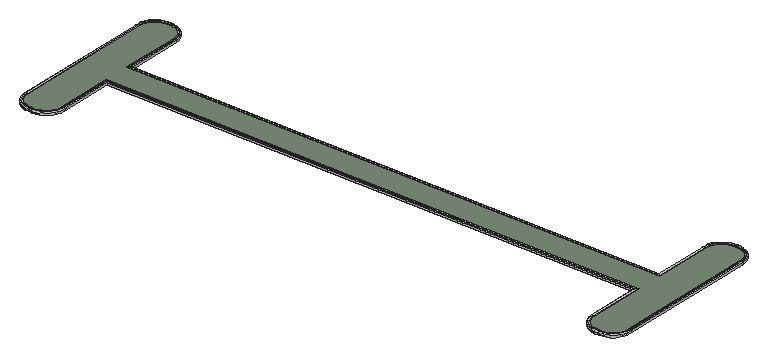
Revit family "M_Estacionamento-Dois lados", category Terreno, Revit 2019
Family settings
  Cota do conector redondo = Utilizar diâmetro
  Tipo de parte = Normal
  ID de item do Seek = Parking Island-Double Sided-0000-CAN-ENU
  Com base no plano de trabalho = Não
  Sempre na vertical = Não
  Corte com vazios quando carregada = Não
  Compartilhado = Não
Parameters (values of type "15 Espaços por linha")
  Profundidade do estacionamento = 4800 mm
  Largura do estacionamento [instance] = 36000 mm
Types (3, lengths in mm): name | Largura do estacionamento
  (no name) | 36000
  15 Espaços por linha | 36000
  20 Espaços por linha | 48000
Reference planes
  plane 1: z = 0
  plane 2 "Centro (Esquerda/Direita)": x = -1955.8
  plane 3: x = -42731
  plane 4: y = -6223
  plane 5: y = -1423
  plane 6: x = -40343.4
  plane 7: x = -4343.4
  plane 8: y = 405.8
  plane 9: x = -40191
  plane 10: x = -42883.4
  plane 11: y = 558.2
  plane 12: y = -1575.4
  plane 13: x = -1803.4
  plane 14: x = -4495.8
  plane 15: y = -6375.4
  plane 16: y = 5358.2
  plane 17: y = 5510.6
Forms (mm)
  Sweep 1, solid, material "Concreto, Moldado no local - Cinza"
    path origin (0, 0, 0) x (1, 0, 0) y (0, 1, 0)
      loop
        arc (-4495.8, -5156.2) -> (-4138.705, -6018.305) -> (-3276.6, -6375.4) r 1219.2
        line (-3276.6, -6375.4) -> (-3022.6, -6375.4)
        arc (-3022.6, -6375.4) -> (-2160.495, -6018.305) -> (-1803.4, -5156.2) r 1219.2
        line (-1803.4, -5156.2) -> (-1803.4, 4291.4)
        arc (-1803.4, 4291.4) -> (-2160.495, 5153.505) -> (-3022.6, 5510.6) r 1219.2
        line (-3022.6, 5510.6) -> (-3276.6, 5510.6)
        arc (-3276.6, 5510.6) -> (-4138.705, 5153.505) -> (-4495.8, 4291.4) r 1219.2
        line (-4495.8, 4291.4) -> (-4495.8, 558.2) -> (-40191, 558.2) -> (-40191, 4291.4)
        arc (-40191, 4291.4) -> (-40548.095, 5153.505) -> (-41410.2, 5510.6) r 1219.2
        line (-41410.2, 5510.6) -> (-41664.2, 5510.6)
        arc (-41664.2, 5510.6) -> (-42526.305, 5153.505) -> (-42883.4, 4291.4) r 1219.2
        line (-42883.4, 4291.4) -> (-42883.4, -5156.2)
        arc (-42883.4, -5156.2) -> (-42526.305, -6018.305) -> (-41664.2, -6375.4) r 1219.2
        line (-41664.2, -6375.4) -> (-41410.2, -6375.4)
        arc (-41410.2, -6375.4) -> (-40548.095, -6018.305) -> (-40191, -5156.2) r 1219.2
        line (-40191, -5156.2) -> (-40191, -1575.4) -> (-4495.8, -1575.4) -> (-4495.8, -5156.2)
    profile origin (0, -3365.8, 0) x (-1, 0, 0) y (0, 0, 1)
      loop
        line (4495.8, 0) -> (4495.8, 127)
        arc (4495.8, 127) -> (4480.921, 162.921) -> (4445, 177.8) r 50.8
        line (4445, 177.8) -> (4318, 177.8) -> (4318, 0) -> (4495.8, 0)
  Extrusion 2, solid, material "Grama"
    sketch origin (0, 0, 0) x (1, 0, 0) y (0, 1, 0)
      loop
        line (-1955.8, -5181.6) -> (-1955.8, 4316.8)
        arc (-1955.8, 4316.8) -> (-2260.819, 5053.181) -> (-2997.2, 5358.2) r 1041.4
        line (-2997.2, 5358.2) -> (-3302, 5358.2)
        arc (-3302, 5358.2) -> (-4038.381, 5053.181) -> (-4343.4, 4316.8) r 1041.4
        line (-4343.4, 4316.8) -> (-4343.4, 405.8) -> (-40343.4, 405.8) -> (-40343.4, 4316.8)
        arc (-40343.4, 4316.8) -> (-40648.419, 5053.181) -> (-41384.8, 5358.2) r 1041.4
        line (-41384.8, 5358.2) -> (-41689.6, 5358.2)
        arc (-41689.6, 5358.2) -> (-42425.981, 5053.181) -> (-42731, 4316.8) r 1041.4
        line (-42731, 4316.8) -> (-42731, -5181.6)
        arc (-42731, -5181.6) -> (-42425.981, -5917.981) -> (-41689.6, -6223) r 1041.4
        line (-41689.6, -6223) -> (-41384.8, -6223)
        arc (-41384.8, -6223) -> (-40648.419, -5917.981) -> (-40343.4, -5181.6) r 1041.4
        line (-40343.4, -5181.6) -> (-40343.4, -1423) -> (-4343.4, -1423) -> (-4343.4, -5181.6)
        arc (-4343.4, -5181.6) -> (-4038.381, -5917.981) -> (-3302, -6223) r 1041.4
        line (-3302, -6223) -> (-2997.2, -6223)
        arc (-2997.2, -6223) -> (-2260.819, -5917.981) -> (-1955.8, -5181.6) r 1041.4
    from 0 to 177.8
Lines and regions (mm)
  symbolic lines, style "Estacionamento"
    curve 1: line (-42731, 4291.4, 0) -> (-42731, -5181.655, 0)
    curve 2: line (-40343.4, -5181.655, 0) -> (-40343.4, -1423, 0)
    curve 3: line (-40343.4, -1423, 0) -> (-4343.4, -1423, 0)
    curve 4: line (-4343.4, 405.8, 0) -> (-40368.8, 405.8, 0)
    curve 5: line (-4343.4, -1423, 0) -> (-4343.4, -5181.6, 0)
    curve 6: arc (-4343.4, -5181.6, 0) -> (-4038.381, -5917.981, 0) -> (-3302, -6223, 0) r 1041.4
    curve 7: line (-3302, -6223, 0) -> (-2997.2, -6223, 0)
    curve 8: arc (-2997.2, -6223, 0) -> (-2260.819, -5917.981, 0) -> (-1955.8, -5181.6, 0) r 1041.4
    curve 9: line (-1955.8, -5181.6, 0) -> (-1955.8, 4316.8, 0)
    curve 10: line (-40343.4, -1423, 0) -> (-40343.4, -5181.655, 0)
    curve 11: arc (-40343.4, -5181.655, 0) -> (-40648.419, -5918.036, 0) -> (-41384.8, -6223.055, 0) r 1041.4
    curve 12: line (-41384.8, -6223.055, 0) -> (-41689.6, -6223.055, 0)
    curve 13: arc (-41689.6, -6223.055, 0) -> (-42425.981, -5918.036, 0) -> (-42731, -5181.655, 0) r 1041.4
    curve 14: line (-4343.4, 405.8, 0) -> (-4343.4, 4316.8, 0)
    curve 15: line (-3302, 5358.2, 0) -> (-2997.2, 5358.2, 0)
    curve 16: arc (-2997.2, 5358.2, 0) -> (-2260.819, 5053.181, 0) -> (-1955.8, 4316.8, 0) r 1041.4
    curve 17: arc (-4343.4, 4316.8, 0) -> (-4038.381, 5053.181, 0) -> (-3302, 5358.2, 0) r 1041.4
    curve 18: line (-40368.8, 405.8, 0) -> (-40368.8, 4291.4, 0)
    curve 19: line (-41689.6, 5332.8, 0) -> (-41410.2, 5332.8, 0)
    curve 20: arc (-41689.6, 5332.8, 0) -> (-42425.981, 5027.781, 0) -> (-42731, 4291.4, 0) r 1041.4
    curve 21: arc (-41410.2, 5332.8, 0) -> (-40673.819, 5027.781, 0) -> (-40368.8, 4291.4, 0) r 1041.4
Dimensions and locks
  plane 3 to plane 6 = 2387.6 mm
  plane 7 to plane 2 "Centro (Esquerda/Direita)" = 2387.6 mm
  "Largura do estacionamento": plane 6 to plane 7
  locked: plane 8 to plane 11 at 152.4
  locked: plane 5 to plane 12 at 152.4
  locked: plane 6 to plane 9 at 152.4
  locked: plane 10 to plane 3 at 152.4
  locked: plane 14 to plane 7 at 152.4
  locked: plane 2 "Centro (Esquerda/Direita)" to plane 13 at 152.4
  locked: plane 4 to plane 15 at 152.4
  plane 5 to plane 8 = 1828.8 mm
  "Profundidade do estacionamento": plane 5 to plane 4
  locked: plane 16 to plane 17 at 152.4
  "Profundidade do estacionamento": plane 11 to plane 16
  aligned and locked: Extrusion 2 sketch curve to plane 8
  aligned and locked: plane 6 to Extrusion 2 sketch curve
  aligned and locked: Extrusion 2 sketch curve to plane 3
  aligned and locked: Extrusion 2 sketch curve to plane 2 "Centro (Esquerda/Direita)"
  aligned and locked: plane 9 to Sweep 1 sketch curve
  aligned and locked: plane 10 to Sweep 1 sketch curve
  aligned and locked: Sweep 1 sketch curve to plane 11
  aligned and locked: plane 12 to Sweep 1 sketch curve
  aligned and locked: plane 15 to Sweep 1 sketch curve
  aligned and locked: Sweep 1 sketch curve to plane 14
  aligned and locked: curve 9 to plane 2 "Centro (Esquerda/Direita)"
  aligned and locked: curve 7 to plane 4
  aligned and locked: plane 7 to curve 5
  aligned and locked: curve 4 to plane 8
  aligned and locked: plane 6 to curve 10
  aligned and locked: plane 3 to curve 1
  aligned and locked: Extrusion 2 sketch curve to curve 5
  aligned and locked: curve 3 to Extrusion 2 sketch curve
  aligned and locked: plane 16 to Extrusion 2 sketch curve
  aligned and locked: Extrusion 2 sketch curve to plane 16
  aligned and locked: Extrusion 2 sketch curve to Extrusion 2 sketch curve
  aligned and locked: Sweep 1 sketch curve to plane 17
Automatic sketch dimensions
  Sweep 1 sketch curve to level = 0 mm
  Sweep 1 sketch curve to profile plane = 0 mm
  profile plane to Sweep 1 sketch curve = 50.8 mm
  Sweep 1 sketch curve to Sweep 1 sketch curve = 127 mm  (x2)
  Extrusion 2 sketch curve to plane 4 = 0 mm  (x2)
  Extrusion 2 sketch curve to plane 5 = 0 mm
  Extrusion 2 sketch curve to plane 3 = 1041.4 mm  (x2)
  Extrusion 2 sketch curve to Extrusion 2 sketch curve = 304.8 mm  (x4)
  Extrusion 2 sketch curve to Extrusion 2 sketch curve = 1041.4 mm
  Extrusion 2 sketch curve to plane 2 "Centro (Esquerda/Direita)" = 1346.2 mm
  Sweep 1 sketch curve to plane 9 = 0 mm
  Sweep 1 sketch curve to plane 14 = 0 mm
  Sweep 1 sketch curve to plane 15 = 0 mm
  Sweep 1 sketch curve to plane 17 = 0 mm
  Sweep 1 sketch curve to plane 13 = 0 mm
  Sweep 1 sketch curve to plane 3 = 1066.8 mm  (x2)
  Sweep 1 sketch curve to Sweep 1 sketch curve = 254 mm  (x4)
  Sweep 1 sketch curve to Sweep 1 sketch curve = 1219.2 mm
  Sweep 1 sketch curve to plane 2 "Centro (Esquerda/Direita)" = 1320.8 mm
  curve 17 to plane 7 = 0 mm
  curve 15 to plane 16 = 0 mm
  curve 3 to plane 5 = 0 mm
  curve 20 to plane 3 = 1041.4 mm
  curve 13 to plane 3 = 1041.4 mm
  plane 16 to curve 21 = 25.4 mm
  curve 19 to curve 21 = 279.4 mm
  curve 12 to plane 4 = 0.055 mm
  curve 12 to curve 12 = 304.8 mm
  plane 6 to curve 18 = 25.4 mm
  curve 5 to curve 6 = 1041.4 mm
  curve 14 to curve 17 = 1041.4 mm
  curve 6 to curve 7 = 304.8 mm
  curve 15 to curve 16 = 304.8 mm
